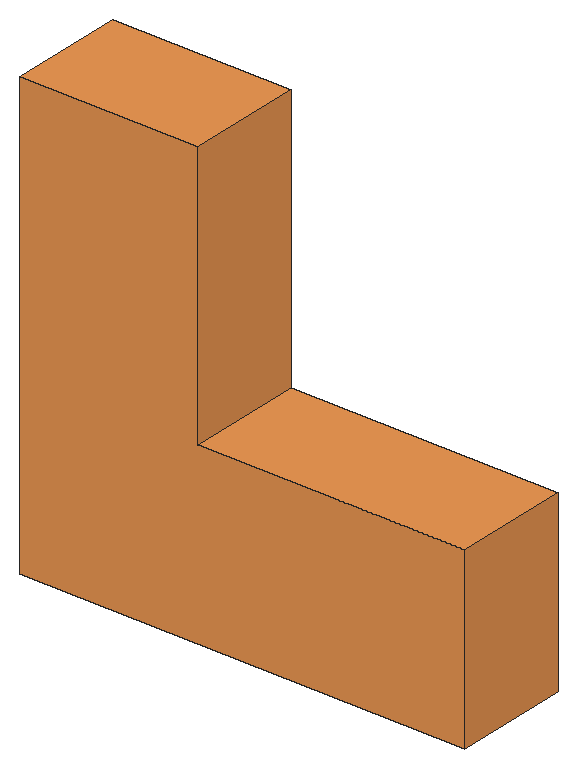
Revit family "BD_Busduct Elbow 90 800A", category Electrical Equipment, Revit 2025
Family settings
  Panel Configuration = Two Columns, Circuits Across
  Round Connector Dimension = Use Diameter
  Part Type = Panelboard
  OmniClass Number = 23.80.30.11.17
  OmniClass Title = Distribution Boards and Control Panels
  Work Plane-Based = No
  Always vertical = Yes
  Cut with Voids When Loaded = No
  Maintain Annotation Orientation = No
  Shared = No
  Room Calculation Point = No
Parameters (values of type "800A 4P+PE Cu")
  built-in parameter 1140142 [instance] = -1
  built-in parameter 1140140 [instance] = 1 (stored number, unit not read)
  built-in parameter 1155100 [instance] = -1
  Default Elevation = 0 mm
Reference planes
  plane 1 "Center (Front/Back)": y = 0
  plane 2: z = 0
  plane 3 "Center (Left/Right)": x = 0
Forms (mm)
  Extrusion 1, solid, material "Busduct Housing - Orange"
    sketch origin (0, -65, 0) x (0, 0, 1) y (1, 0, 0)
      loop
        line (-100, -100) -> (400, -100) -> (400, 100) -> (100, 100) -> (100, 400) -> (-100, 400) -> (-100, -100)
    from 0 to 130
Dimensions and locks
  aligned and locked: level to plane 2
